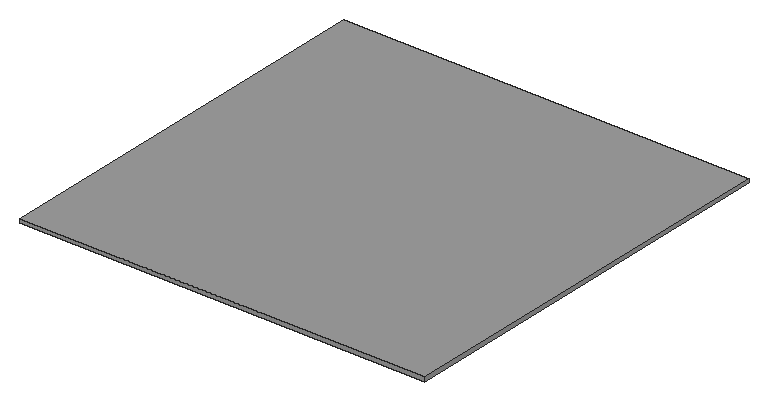
Revit family "WM-MN Skimmend 40mm Family", category Generic Models, host Ceiling, Revit 2017
Family settings
  Host = Ceiling
  Can host rebar = No
  Round Connector Dimension = Use Diameter
  Part Type = Normal
  Always vertical = Yes
  Cut with Voids When Loaded = No
  Shared = No
  Room Calculation Point = No
Parameters (values of type "Lambdaboard")
  Width = 4000 mm
  URL = "www.rigifoam.com"
  Type Comments = "duncan@rigifoam.com"
  Thermal Resistance = 1.6700 (m²·K)/W
  Thermal Conductivity = 0.0240 W/(m·K)
  Model = "WM/MN Skimmend 40mm"
  Material = Polyisocyanurate
  Manufacturer = "Lambdaboard"
  Length = 4000 mm
  Description = "Flexible PIR Insulation"
  Depth = 40 mm
  Density = 40.0000 kg/m³
Reference planes
  plane 1 "Center (Front/Back)": y = 0
  plane 2: z = 0
  plane 3 "Center (Left/Right)": x = 0
  plane 4 "Ceiling": z = 4000
Forms (mm)
  Extrusion 1, solid, material "Polyisocyanurate" <- "Material"
    sketch origin (0, 0, 4000) x (0, 1, 0) y (-1, 0, 0)
      loop
        line (2000, 2000) -> (-2000, 2000) -> (-2000, -2000) -> (2000, -2000) -> (2000, 2000)
    from -40 to 0
Dimensions and locks
  equal spacing: host sketch curve, plane 3 "Center (Left/Right)", host sketch curve
  equal spacing: host sketch curve, plane 1 "Center (Front/Back)", host sketch curve
  host sketch curve to host sketch curve = 4000 mm  (x2)
  plane 4 "Ceiling" to host ceiling = 0 mm
  "Length": Extrusion 1 to Extrusion 1
  Extrusion 1 to plane 3 "Center (Left/Right)" = 2000 mm
  plane 3 "Center (Left/Right)" to Extrusion 1 = 2000 mm
  "Width": Extrusion 1 to Extrusion 1
  "Depth": Extrusion 1 to Extrusion 1
Automatic sketch dimensions
  plane 1 "Center (Front/Back)" to Extrusion 1 sketch curve = 2000 mm
  Extrusion 1 sketch curve to plane 1 "Center (Front/Back)" = 2000 mm
  plane 3 "Center (Left/Right)" to Extrusion 1 sketch curve = 2000 mm
  Extrusion 1 sketch curve to plane 3 "Center (Left/Right)" = 2000 mm
